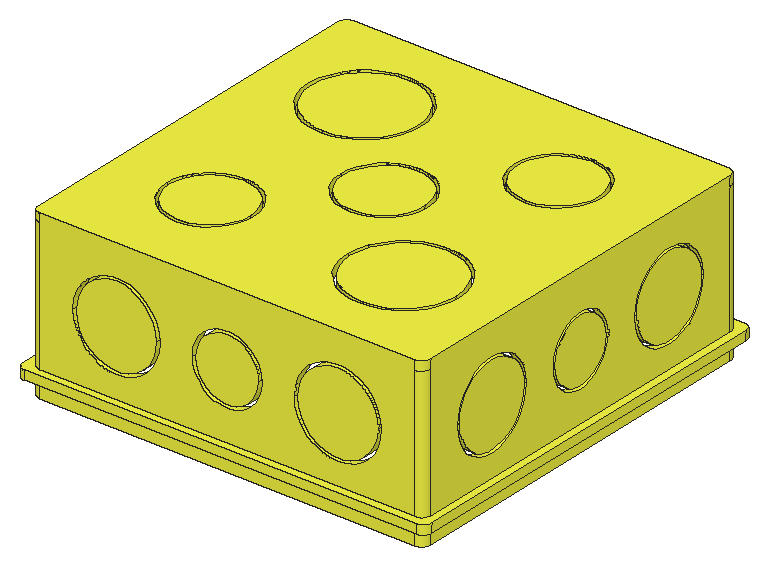
Revit family "Caixa de Passagem 4x4", category Conduit Fittings, Revit 2018
Family settings
  Round Connector Dimension = Use Diameter
  Part Type = Cross
  Work Plane-Based = No
  Always vertical = No
  Cut with Voids When Loaded = No
  Shared = No
Parameters
  Type Comments = "Caixa 4x4"
  Description = "Não Quantificar"
  C4 [instance] = 25 mm
  C3 [instance] = 25 mm
  C2 [instance] = 25 mm
  C1 [instance] = 25 mm
Reference planes
  plane 1 "Center (Front/Back)": y = 0
  plane 2: z = 0
  plane 3 "Center (Left/Right)": x = 0
Dimensions and locks
  aligned and locked: level to plane 2
Nested families
  nested 1: "COM_EF_Caixa 4x4 - Elétrica - Horizontal 2" at (0, 0, -26.25), type "COM_EF_Caixa 4x4 - Elétrica - Horizontal", detail levels medium+fine
    with Teto yes, Parede no
  nested 2: "COM_AN_Caixa de Luz 4x4 no teto" at (0.045, 0.006, 0), type "COM_AN_Caixa de Luz 4x4 no teto", detail levels coarse+medium
Connectors
  cabletrayconduit at (55.75, 0, 0), diameter 20
    settings: on nested 1, index 1, connector width 300 mm, connector height 300 mm, connector angle 0.00°, system type 32, placement type 0, profile type 0, connector reference index 3, is primary connector no, connector utility param no, connector description ""
  cabletrayconduit at (-0.25, -56, 0), diameter 20
    settings: on nested 1, index 2, connector width 300 mm, connector height 300 mm, connector angle 0.00°, system type 32, placement type 0, profile type 0, connector reference index 4, is primary connector no, connector utility param no, connector description ""
  cabletrayconduit at (-56.25, 0, 0), diameter 20
    settings: on nested 1, index 3, connector width 300 mm, connector height 300 mm, connector angle 0.00°, system type 32, placement type 0, profile type 0, connector reference index 1, is primary connector yes, connector utility param no, connector description ""
  cabletrayconduit at (-0.25, 56, 0), diameter 20
    settings: on nested 1, index 4, connector width 300 mm, connector height 300 mm, connector angle 0.00°, system type 32, placement type 0, profile type 0, connector reference index 2, is primary connector no, connector utility param no, connector description ""
  cabletrayconduit at (55.75, -31.625, 0), diameter 25
    settings: on nested 1, index 5, connector width 300 mm, connector height 300 mm, connector angle 0.00°, system type 32, placement type 0, profile type 0, connector reference index -1, is primary connector no, connector utility param no, connector description ""
  cabletrayconduit at (55.75, 31.625, 0), diameter 25
    settings: on nested 1, index 6, connector width 300 mm, connector height 300 mm, connector angle 0.00°, system type 32, placement type 0, profile type 0, connector reference index -1, is primary connector no, connector utility param yes, connector description ""
  cabletrayconduit at (31.375, 56, 0), diameter 25
    settings: on nested 1, index 7, connector width 300 mm, connector height 300 mm, connector angle 0.00°, system type 32, placement type 0, profile type 0, connector reference index -1, is primary connector no, connector utility param no, connector description ""
  cabletrayconduit at (-31.875, 56, 0), diameter 25
    settings: on nested 1, index 8, connector width 300 mm, connector height 300 mm, connector angle 0.00°, system type 32, placement type 0, profile type 0, connector reference index -1, is primary connector no, connector utility param no, connector description ""
  cabletrayconduit at (-56.25, 31.625, 0), diameter 25
    settings: on nested 1, index 9, connector width 300 mm, connector height 300 mm, connector angle 0.00°, system type 32, placement type 0, profile type 0, connector reference index -1, is primary connector no, connector utility param no, connector description ""
  cabletrayconduit at (-56.25, -31.625, 0), diameter 25
    settings: on nested 1, index 10, connector width 300 mm, connector height 300 mm, connector angle 0.00°, system type 32, placement type 0, profile type 0, connector reference index -1, is primary connector no, connector utility param no, connector description ""
  cabletrayconduit at (-31.875, -56, 0), diameter 25
    settings: on nested 1, index 11, connector width 300 mm, connector height 300 mm, connector angle 0.00°, system type 32, placement type 0, profile type 0, connector reference index -1, is primary connector no, connector utility param no, connector description ""
  cabletrayconduit at (31.375, -56, 0), diameter 25
    settings: on nested 1, index 12, connector width 300 mm, connector height 300 mm, connector angle 0.00°, system type 32, placement type 0, profile type 0, connector reference index -1, is primary connector no, connector utility param no, connector description ""
  cabletrayconduit at (27.384, 27.634, 21.25), diameter 25
    settings: on nested 1, index 13, connector width 300 mm, connector height 300 mm, connector angle 0.00°, system type 32, placement type 0, profile type 0, connector reference index -1, is primary connector no, connector utility param no, connector description ""
  cabletrayconduit at (27.384, -27.634, 21.25), diameter 32
    settings: on nested 1, index 14, connector width 300 mm, connector height 300 mm, connector angle 0.00°, system type 32, placement type 0, profile type 0, connector reference index -1, is primary connector no, connector utility param no, connector description ""
  cabletrayconduit at (-27.884, -27.634, 21.25), diameter 25
    settings: on nested 1, index 15, connector width 300 mm, connector height 300 mm, connector angle 0.00°, system type 32, placement type 0, profile type 0, connector reference index -1, is primary connector no, connector utility param no, connector description ""
  cabletrayconduit at (-0.25, 0, 21.25), diameter 25
    settings: on nested 1, index 16, connector width 300 mm, connector height 300 mm, connector angle 0.00°, system type 32, placement type 0, profile type 0, connector reference index -1, is primary connector no, connector utility param no, connector description ""
  cabletrayconduit at (-27.884, 27.634, 21.25), diameter 32
    settings: on nested 1, index 17, connector width 300 mm, connector height 300 mm, connector angle 0.00°, system type 32, placement type 0, profile type 0, connector reference index -1, is primary connector no, connector utility param no, connector description ""
Definition of nested family "COM_EF_Caixa 4x4 - Elétrica - Horizontal 2"
  Parameters (values of type "COM_EF_Caixa 4x4 - Elétrica - Horizontal")
    URL = "https://www.tigre.com.br/caixa-de-luz-tigreflex-4x4"
    Type Image = (empty or 0)
    Teto [instance] = yes
    Parede [instance] = yes
    Model = "TigreFlex"
    Manufacturer = "TIGRE"
    Keynote = ""
    Description = "Caixa de Luz Tigreflex 4\"x4\""
    Assembly Code = "33043619"
  Reference planes
    plane 1 "Center (Front/Back)": y = 0
    plane 2: z = 0
    plane 3 "Center (Left/Right)": x = 0
  Forms (mm)
    Extrusion 1, solid
      sketch origin (-146.44, -158.892, 0) x (1, 0, 0) y (0, 1, 0)
        loop
          circle (118.557, 131.258) r 12.5
        loop
          circle (118.557, 131.258) r 11.5
        loop
          circle (173.824, 131.258) r 16
        loop
          circle (173.824, 131.258) r 15
        loop
          circle (118.557, 186.526) r 16
        loop
          circle (118.557, 186.526) r 15
        loop
          circle (173.824, 186.526) r 12.5
        loop
          circle (173.824, 186.526) r 11.5
        loop
          circle (146.19, 158.892) r 12.5
        loop
          circle (146.19, 158.892) r 11.5
        loop
          line (90.19, 212.392) -> (90.19, 105.392)
          arc (90.19, 105.392) -> (90.923, 103.624) -> (92.69, 102.892) r 2.5
          line (92.69, 102.892) -> (199.69, 102.892)
          arc (199.69, 102.892) -> (201.458, 103.624) -> (202.19, 105.392) r 2.5
          line (202.19, 105.392) -> (202.19, 212.392)
          arc (202.19, 212.392) -> (201.458, 214.159) -> (199.69, 214.892) r 2.5
          line (199.69, 214.892) -> (92.69, 214.892)
          arc (92.69, 214.892) -> (90.923, 214.159) -> (90.19, 212.392) r 2.5
      from 45 to 47.5
    Extrusion 2, solid
      sketch origin (-146.44, -158.892, 45) x (0, 1, 0) y (1, 0, 0)
        loop
          line (102.892, 199.69) -> (102.892, 92.69)
          arc (102.892, 92.69) -> (103.624, 90.923) -> (105.392, 90.19) r 2.5
          line (105.392, 90.19) -> (212.392, 90.19)
          arc (212.392, 90.19) -> (214.159, 90.923) -> (214.892, 92.69) r 2.5
          line (214.892, 92.69) -> (214.892, 199.69)
          arc (214.892, 199.69) -> (214.159, 201.458) -> (212.392, 202.19) r 2.5
          line (212.392, 202.19) -> (105.392, 202.19)
          arc (105.392, 202.19) -> (103.624, 201.458) -> (102.892, 199.69) r 2.5
        loop
          line (105.392, 197.19) -> (105.392, 95.19)
          arc (105.392, 95.19) -> (106.124, 93.423) -> (107.892, 92.69) r 2.5
          line (107.892, 92.69) -> (209.892, 92.69)
          arc (209.892, 92.69) -> (211.659, 93.423) -> (212.392, 95.19) r 2.5
          line (212.392, 95.19) -> (212.392, 197.19)
          arc (212.392, 197.19) -> (211.659, 198.958) -> (209.892, 199.69) r 2.5
          line (209.892, 199.69) -> (107.892, 199.69)
          arc (107.892, 199.69) -> (106.124, 198.958) -> (105.392, 197.19) r 2.5
      from 45 to 0
    Extrusion 3, solid
      sketch origin (-146.44, -158.892, 0) x (-1, 0, 0) y (0, 1, 0)
        loop
          line (-202.19, 212.392) -> (-202.19, 105.392)
          arc (-202.19, 105.392) -> (-201.458, 103.624) -> (-199.69, 102.892) r 2.5
          line (-199.69, 102.892) -> (-92.69, 102.892)
          arc (-92.69, 102.892) -> (-90.923, 103.624) -> (-90.19, 105.392) r 2.5
          line (-90.19, 105.392) -> (-90.19, 212.392)
          arc (-90.19, 212.392) -> (-90.923, 214.159) -> (-92.69, 214.892) r 2.5
          line (-92.69, 214.892) -> (-199.69, 214.892)
          arc (-199.69, 214.892) -> (-201.458, 214.159) -> (-202.19, 212.392) r 2.5
        loop
          arc (-202.19, 217.392) -> (-203.958, 216.659) -> (-204.69, 214.892) r 2.5
          line (-204.69, 214.892) -> (-204.69, 102.892)
          arc (-204.69, 102.892) -> (-203.958, 101.124) -> (-202.19, 100.392) r 2.5
          line (-202.19, 100.392) -> (-90.19, 100.392)
          arc (-90.19, 100.392) -> (-88.423, 101.124) -> (-87.69, 102.892) r 2.5
          line (-87.69, 102.892) -> (-87.69, 214.892)
          arc (-87.69, 214.892) -> (-88.423, 216.659) -> (-90.19, 217.392) r 2.5
          line (-90.19, 217.392) -> (-202.19, 217.392)
      from -5 to -7.5
    Extrusion 4, void
      sketch origin (55.75, 53.625, 45) x (0, -1, 0) y (0, 0, -1)
        loop
          circle (53.625, 18.75) r 10
        loop
          circle (53.625, 18.75) r 9
        loop
          circle (22, 18.75) r 12.5
        loop
          circle (22, 18.75) r 11.5
        loop
          circle (85.25, 18.75) r 12.5
        loop
          circle (85.25, 18.75) r 11.5
      from 0 to -112
    Extrusion 5, void
      sketch origin (53.375, -58.5, 45) x (-1, 0, 0) y (0, 0, -1)
        loop
          circle (53.625, 18.75) r 10
        loop
          circle (53.625, 18.75) r 9
        loop
          circle (22, 18.75) r 12.5
        loop
          circle (22, 18.75) r 11.5
        loop
          circle (85.25, 18.75) r 12.5
        loop
          circle (85.25, 18.75) r 11.5
      from 0 to -114.5
  Cuts and joins
    Extrusion 5 cuts Extrusion 1
    Extrusion 4, Extrusion 5 cuts Extrusion 2
    joined: Extrusion 1, Extrusion 2, Extrusion 3
  Dimensions and locks
    aligned and locked: level to plane 2
    aligned and locked: Extrusion 2 to Extrusion 1
    aligned and locked: Extrusion 2 to level
Definition of nested family "COM_AN_Caixa de Luz 4x4 no teto"
  Reference planes
    plane 1: y = -0.006
    plane 2: x = -0.045
  Lines and regions (mm)
    Filled region 1, type "Amarelo"
      outline origin (-9.496, -6.208, 0) x (1, 0, 0) y (0, 1, 0)
        loop
          line (6.311, 8.541) -> (6.311, 3.861)
          arc (6.311, 3.861) -> (6.545, 3.296) -> (7.111, 3.061) r 0.8
          line (7.111, 3.061) -> (11.791, 3.061)
          arc (11.791, 3.061) -> (12.357, 3.296) -> (12.591, 3.861) r 0.8
          line (12.591, 3.861) -> (12.591, 8.541)
          arc (12.591, 8.541) -> (12.357, 9.107) -> (11.791, 9.341) r 0.8
          line (11.791, 9.341) -> (7.111, 9.341)
          arc (7.111, 9.341) -> (6.545, 9.107) -> (6.311, 8.541) r 0.8
        loop
          line (11.291, 8.841) -> (7.511, 8.841)
          arc (7.511, 8.841) -> (7.016, 8.636) -> (6.811, 8.141) r 0.7
          line (6.811, 8.141) -> (6.811, 4.361)
          arc (6.811, 4.361) -> (7.045, 3.796) -> (7.611, 3.561) r 0.8
          line (7.611, 3.561) -> (11.291, 3.561)
          arc (11.291, 3.561) -> (11.857, 3.796) -> (12.091, 4.361) r 0.8
          line (12.091, 4.361) -> (12.091, 8.041)
          arc (12.091, 8.041) -> (11.857, 8.607) -> (11.291, 8.841) r 0.8
    Masking region 1
      outline origin (-9.496, -6.208, 0) x (1, 0, 0) y (0, 1, 0)
        loop
          arc (6.811, 4.361) -> (7.045, 3.796) -> (7.611, 3.561) r 0.8
          line (7.611, 3.561) -> (11.291, 3.561)
          arc (11.291, 3.561) -> (11.857, 3.796) -> (12.091, 4.361) r 0.8
          line (12.091, 4.361) -> (12.091, 8.041)
          arc (12.091, 8.041) -> (11.857, 8.607) -> (11.291, 8.841) r 0.8
          line (11.291, 8.841) -> (7.511, 8.841)
          arc (7.511, 8.841) -> (7.016, 8.636) -> (6.811, 8.141) r 0.7
          line (6.811, 8.141) -> (6.811, 4.361)
    detail lines
      curve 1: line (-3.185, 2.334, 0) -> (-3.185, -2.346, 0)
      curve 2: line (-2.385, -3.146, 0) -> (2.295, -3.146, 0)
      curve 3: line (3.095, -2.346, 0) -> (3.095, 2.334, 0)
      curve 4: line (2.295, 3.134, 0) -> (-2.385, 3.134, 0)
      curve 5: arc (-3.185, -2.346, 0) -> (-2.951, -2.912, 0) -> (-2.385, -3.146, 0) r 0.8
      curve 6: arc (2.295, -3.146, 0) -> (2.861, -2.912, 0) -> (3.095, -2.346, 0) r 0.8
      curve 7: arc (3.095, 2.334, 0) -> (2.861, 2.899, 0) -> (2.295, 3.134, 0) r 0.8
      curve 8: arc (-2.385, 3.134, 0) -> (-2.951, 2.899, 0) -> (-3.185, 2.334, 0) r 0.8
